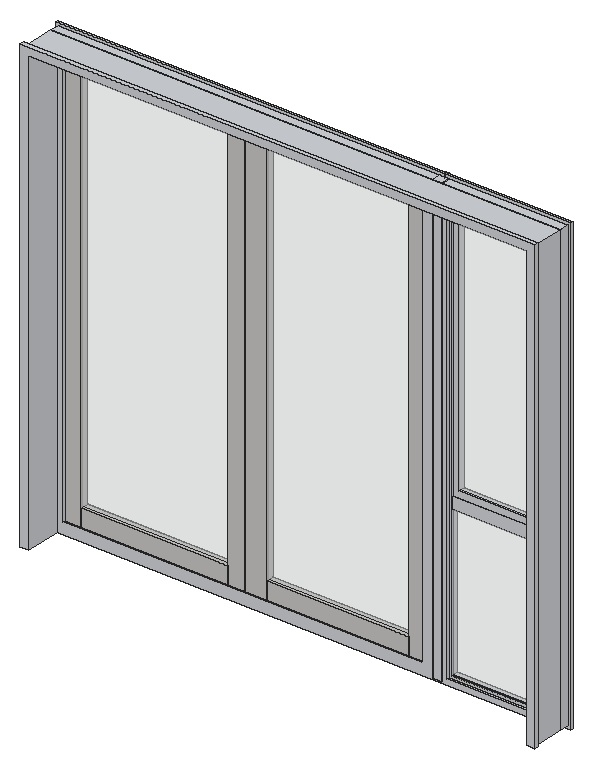
Revit family "APL Residential Thermal Heart French Door with Sidelight", category Doors, host Wall, Revit 2017 (continued)
Definition of nested family "APL Residential Thermal Heart French Door with Sidelight Horizontal Section"
  Definition of nested family "Coupling Bar"
    Definition of nested family "Open Out Jamb&Hinge"
      Definition of nested family "65310_Open Out Frame"
        Lines and regions (mm)
          model lines, in view "Ref. Level"
            curve 60: arc (43.9, 24, 0) -> (44.18, 23.807, 0) -> (44.1, 23.476, 0) r 0.3
            curve 61: arc (44.1, 23.476, 0) -> (44.026, 23.375, 0) -> (44, 23.253, 0) r 0.3
            curve 62: arc (44.194, 19.25, 0) -> (44.158, 19.078, 0) -> (44, 19, 0) r 0.2
            curve 63: arc (43.479, 19, 0) -> (43.398, 19.011, 0) -> (43.323, 19.044, 0) r 0.3
            curve 64: arc (42.069, 19.809, 0) -> (42.072, 19.979, 0) -> (41.966, 20.111, 0) r 0.25
            curve 65: arc (41.88, 20.163, 0) -> (41.65, 20.179, 0) -> (41.505, 20, 0) r 0.25
            curve 66: arc (41.255, 20, 0) -> (41.114, 19.941, 0) -> (41.055, 19.8, 0) r 0.2
            curve 67: arc (41.055, 18.984, 0) -> (41.102, 18.772, 0) -> (41.235, 18.6, 0) r 0.5
            curve 68: arc (43.92, 16.362, 0) -> (44.053, 16.19, 0) -> (44.1, 15.978, 0) r 0.5
            curve 69: arc (44.1, 12.522, 0) -> (44.053, 12.31, 0) -> (43.92, 12.138, 0) r 0.5
            curve 70: arc (41.235, 9.9, 0) -> (41.102, 9.728, 0) -> (41.055, 9.516, 0) r 0.5
            curve 71: arc (41.055, 8.7, 0) -> (41.114, 8.559, 0) -> (41.255, 8.5, 0) r 0.2
            curve 72: arc (41.505, 8.5, 0) -> (41.65, 8.321, 0) -> (41.88, 8.337, 0) r 0.25
            curve 73: arc (41.966, 8.389, 0) -> (42.072, 8.521, 0) -> (42.069, 8.691, 0) r 0.25
            curve 74: arc (43.322, 9.456, 0) -> (43.398, 9.489, 0) -> (43.479, 9.5, 0) r 0.3
            curve 75: arc (44, 9.5, 0) -> (44.158, 9.422, 0) -> (44.194, 9.25, 0) r 0.2
            curve 76: arc (44, 5.247, 0) -> (44.026, 5.125, 0) -> (44.1, 5.024, 0) r 0.3
            curve 77: arc (44.1, 5.024, 0) -> (44.18, 4.693, 0) -> (43.9, 4.5, 0) r 0.3
            curve 78: arc (41.679, 5.043, 0) -> (41.59, 5.095, 0) -> (41.538, 5.184, 0) r 0.2
            curve 79: arc (41.493, 5.352, 0) -> (41.352, 5.493, 0) -> (41.159, 5.441, 0) r 0.2
            curve 80: arc (40.795, 5.078, 0) -> (40.735, 4.992, 0) -> (40.708, 4.892, 0) r 0.3
            curve 81: arc (40.501, 2.526, 0) -> (40.617, 2.262, 0) -> (40.903, 2.218, 0) r 0.3
            curve 82: arc (42.313, 2.732, 0) -> (42.439, 2.819, 0) -> (42.505, 2.957, 0) r 0.3
            curve 83: arc (42.505, 2.957, 0) -> (42.778, 3.199, 0) -> (43.083, 3, 0) r 0.3
            curve 84: arc (44.4, 3, 0) -> (44.541, 2.941, 0) -> (44.6, 2.8, 0) r 0.2
            curve 85: arc (44.6, 1.3, 0) -> (44.981, 0.381, 0) -> (45.9, 0, 0) r 1.3
            curve 86: arc (55.35, 0, 0) -> (56, 0.65, 0) -> (55.35, 1.3, 0) r 0.65
            curve 87: arc (46, 23.1, 0) -> (46.146, 23.454, 0) -> (46.5, 23.6, 0) r 0.5
            curve 88: arc (48.1, 23.6, 0) -> (48.454, 23.454, 0) -> (48.6, 23.1, 0) r 0.5
            curve 89: arc (48.6, 21.2, 0) -> (48.746, 20.846, 0) -> (49.1, 20.7, 0) r 0.5
            curve 90: arc (49.5, 20.7, 0) -> (49.854, 20.846, 0) -> (50, 21.2, 0) r 0.5
            curve 91: line (49.5, 53, 0) -> (43.2, 53, 0)
            curve 92: line (43, 52.8, 0) -> (43, 51.6, 0)
            curve 93: line (43.2, 51.4, 0) -> (48.3, 51.4, 0)
            curve 94: line (48.5, 51.2, 0) -> (48.5, 48.1, 0)
            curve 95: line (48.3, 47.9, 0) -> (45, 47.9, 0)
            curve 96: line (45, 47.9, 0) -> (45, 48.65, 0)
            curve 97: line (44.573, 48.827, 0) -> (43.059, 47.312, 0)
            curve 98: line (43.059, 47.312, 0) -> (43, 44.6, 0)
            curve 99: line (44, 45.2, 0) -> (44, 46.5, 0)
            curve 100: line (44, 46.5, 0) -> (46.4, 46.5, 0)
            curve 101: line (46.4, 46.5, 0) -> (46.4, 46, 0)
            curve 102: line (47.2, 46, 0) -> (47.2, 46.5, 0)
            curve 103: line (47.2, 46.5, 0) -> (48.5, 46.5, 0)
            curve 104: line (48.5, 46.5, 0) -> (48.5, 33, 0)
            curve 105: line (48.5, 33, 0) -> (46.2, 33, 0)
            curve 106: line (46.2, 33, 0) -> (46.2, 33.5, 0)
            curve 107: line (45.7, 34, 0) -> (44, 34, 0)
            curve 108: line (43.3, 32.6, 0) -> (44.858, 32.6, 0)
            curve 109: line (46.2, 31.6, 0) -> (47.9, 31.6, 0)
            curve 110: line (48.1, 31.4, 0) -> (48.1, 26.5, 0)
            curve 111: line (47.1, 25.5, 0) -> (43.083, 25.5, 0)
            curve 112: line (42.313, 25.768, 0) -> (40.903, 26.282, 0)
            curve 113: line (40.501, 25.974, 0) -> (40.708, 23.608, 0)
            curve 114: line (40.795, 23.422, 0) -> (41.159, 23.059, 0)
            curve 115: line (41.493, 23.148, 0) -> (41.538, 23.316, 0)
            curve 116: line (41.538, 23.316, 0) -> (43.668, 23.99, 0)
            curve 117: line (43.668, 23.99, 0) -> (43.9, 24, 0)
            curve 118: line (44, 23.253, 0) -> (44, 20.025, 0)
            curve 119: line (44, 20.025, 0) -> (44.194, 19.25, 0)
            curve 120: line (44, 19, 0) -> (43.479, 19, 0)
            curve 121: line (43.479, 19, 0) -> (42.069, 19.809, 0)
            curve 122: line (41.505, 20, 0) -> (41.255, 20, 0)
            curve 123: line (41.055, 19.8, 0) -> (41.055, 18.984, 0)
            curve 124: line (41.235, 18.6, 0) -> (43.92, 16.362, 0)
            curve 125: line (44.1, 15.978, 0) -> (44.1, 12.522, 0)
            curve 126: line (43.92, 12.138, 0) -> (41.235, 9.9, 0)
            curve 127: line (41.055, 9.516, 0) -> (41.055, 8.7, 0)
            curve 128: line (41.255, 8.5, 0) -> (41.505, 8.5, 0)
            curve 129: line (42.069, 8.691, 0) -> (43.322, 9.456, 0)
            curve 130: line (43.322, 9.456, 0) -> (44, 9.5, 0)
            curve 131: line (44.194, 9.25, 0) -> (44.006, 8.525, 0)
            curve 132: line (44.006, 8.525, 0) -> (44, 5.247, 0)
            curve 133: line (43.746, 4.5, 0) -> (41.679, 5.043, 0)
            curve 134: line (41.679, 5.043, 0) -> (41.493, 5.352, 0)
            curve 135: line (41.159, 5.441, 0) -> (40.795, 5.078, 0)
            curve 136: line (40.708, 4.892, 0) -> (40.501, 2.526, 0)
            curve 137: line (40.903, 2.218, 0) -> (42.313, 2.732, 0)
            curve 138: line (43.083, 3, 0) -> (44.4, 3, 0)
            curve 139: line (44.6, 2.8, 0) -> (44.6, 1.3, 0)
            curve 140: line (45.9, 0, 0) -> (47.7, 0, 0)
            curve 141: line (47.7, 0, 0) -> (48, 0.3, 0)
            curve 142: line (48, 0.3, 0) -> (53.25, 0.3, 0)
            curve 143: line (53.25, 0.3, 0) -> (53.55, 0, 0)
            curve 144: line (53.55, 0, 0) -> (55.35, 0, 0)
            curve 145: line (55.35, 1.3, 0) -> (46, 1.3, 0)
            curve 146: line (46, 1.3, 0) -> (46, 23.1, 0)
            curve 147: line (46.5, 23.6, 0) -> (48.1, 23.6, 0)
            curve 148: line (48.6, 23.1, 0) -> (48.6, 21.2, 0)
            curve 149: line (49.1, 20.7, 0) -> (49.5, 20.7, 0)
            curve 150: line (50, 21.2, 0) -> (50, 52.5, 0)
            curve 151: arc (-4.1, 23.1, 0) -> (-4.241, 23.159, 0) -> (-4.3, 23.3, 0) r 0.2
            curve 152: arc (-4.3, 23.9, 0) -> (-4.359, 24.041, 0) -> (-4.5, 24.1, 0) r 0.2
            curve 153: arc (-4.875, 24.1, 0) -> (-5.496, 24.182, 0) -> (-6.075, 24.422, 0) r 2.4
            curve 154: arc (-13.9, 27.9, 0) -> (-14.041, 27.841, 0) -> (-14.1, 27.7, 0) r 0.2
            curve 155: arc (-14.1, -0.131, 0) -> (-13.951, -0.808, 0) -> (-13.528, -1.359, 0) r 1.6
            curve 156: arc (-7.044, -6.8, 0) -> (-6.701, -6.916, 0) -> (-6.369, -6.77, 0) r 0.5
            curve 157: arc (-1.693, -2.094, 0) -> (-1.476, -1.769, 0) -> (-1.4, -1.386, 0) r 1
            curve 158: arc (-1.4, 3.2, 0) -> (-0.844, 4.544, 0) -> (0.5, 5.1, 0) r 1.9
            curve 159: arc (23.3, 5.1, 0) -> (23.441, 5.159, 0) -> (23.5, 5.3, 0) r 0.2
            curve 160: arc (23.5, 16.1, 0) -> (23.441, 16.241, 0) -> (23.3, 16.3, 0) r 0.2
            curve 161: arc (18.3, 16.3, 0) -> (18.159, 16.359, 0) -> (18.1, 16.5, 0) r 0.2
            curve 162: arc (18.1, 17.7, 0) -> (18.159, 17.841, 0) -> (18.3, 17.9, 0) r 0.2
            curve 163: arc (23.3, 17.9, 0) -> (23.441, 17.959, 0) -> (23.5, 18.1, 0) r 0.2
            curve 164: arc (23.5, 23.9, 0) -> (23.441, 24.041, 0) -> (23.3, 24.1, 0) r 0.2
            curve 165: arc (16.301, 24.1, 0) -> (16.159, 24.042, 0) -> (16.1, 23.9, 0) r 0.2
            curve 166: arc (16.1, 23.3, 0) -> (16.041, 23.159, 0) -> (15.9, 23.1, 0) r 0.2
            curve 167: arc (11.3, 23.1, 0) -> (11.159, 23.159, 0) -> (11.1, 23.3, 0) r 0.2
            curve 168: arc (11.1, 23.9, 0) -> (11.041, 24.041, 0) -> (10.9, 24.1, 0) r 0.2
            curve 169: arc (2.7, 24.1, 0) -> (2.559, 24.041, 0) -> (2.5, 23.9, 0) r 0.2
            curve 170: arc (2.5, 16.5, 0) -> (2.441, 16.359, 0) -> (2.3, 16.3, 0) r 0.2
            curve 171: arc (1.3, 16.3, 0) -> (1.159, 16.359, 0) -> (1.1, 16.5, 0) r 0.2
            curve 172: arc (1.1, 22.9, 0) -> (1.041, 23.041, 0) -> (0.9, 23.1, 0) r 0.2
            curve 173: arc (26.317, 25.5, 0) -> (26.622, 25.301, 0) -> (26.895, 25.543, 0) r 0.3
            curve 174: arc (26.895, 25.543, 0) -> (26.961, 25.681, 0) -> (27.087, 25.768, 0) r 0.3
            curve 175: arc (28.497, 26.282, 0) -> (28.783, 26.238, 0) -> (28.899, 25.974, 0) r 0.3
            curve 176: arc (28.692, 23.608, 0) -> (28.665, 23.508, 0) -> (28.605, 23.422, 0) r 0.3
            curve 177: arc (28.241, 23.059, 0) -> (28.048, 23.007, 0) -> (27.907, 23.148, 0) r 0.2
            curve 178: arc (27.862, 23.316, 0) -> (27.81, 23.405, 0) -> (27.721, 23.457, 0) r 0.2
            curve 179: arc (25.5, 24, 0) -> (25.22, 23.807, 0) -> (25.3, 23.476, 0) r 0.3
            curve 180: arc (25.3, 23.476, 0) -> (25.374, 23.375, 0) -> (25.4, 23.253, 0) r 0.3
            curve 181: arc (25.206, 19.25, 0) -> (25.242, 19.078, 0) -> (25.4, 19, 0) r 0.2
            curve 182: arc (25.921, 19, 0) -> (26.002, 19.011, 0) -> (26.077, 19.044, 0) r 0.3
            curve 183: arc (27.331, 19.809, 0) -> (27.328, 19.979, 0) -> (27.434, 20.111, 0) r 0.25
            curve 184: arc (27.52, 20.163, 0) -> (27.75, 20.179, 0) -> (27.895, 20, 0) r 0.25
            curve 185: arc (28.145, 20, 0) -> (28.286, 19.941, 0) -> (28.345, 19.8, 0) r 0.2
            curve 186: arc (28.345, 18.984, 0) -> (28.298, 18.772, 0) -> (28.165, 18.6, 0) r 0.5
            curve 187: arc (25.58, 16.446, 0) -> (25.447, 16.274, 0) -> (25.4, 16.062, 0) r 0.5
            curve 188: arc (25.4, 12.438, 0) -> (25.447, 12.226, 0) -> (25.58, 12.054, 0) r 0.5
            curve 189: arc (28.165, 9.9, 0) -> (28.298, 9.728, 0) -> (28.345, 9.516, 0) r 0.5
            curve 190: arc (28.345, 8.7, 0) -> (28.286, 8.559, 0) -> (28.145, 8.5, 0) r 0.2
            curve 191: arc (27.895, 8.5, 0) -> (27.75, 8.321, 0) -> (27.52, 8.337, 0) r 0.25
            curve 192: arc (27.434, 8.389, 0) -> (27.328, 8.521, 0) -> (27.331, 8.691, 0) r 0.25
            curve 193: arc (26.078, 9.456, 0) -> (26.002, 9.489, 0) -> (25.921, 9.5, 0) r 0.3
            curve 194: arc (25.4, 9.5, 0) -> (25.242, 9.422, 0) -> (25.206, 9.25, 0) r 0.2
            curve 195: arc (25.4, 5.247, 0) -> (25.374, 5.125, 0) -> (25.3, 5.024, 0) r 0.3
            curve 196: arc (25.3, 5.024, 0) -> (25.22, 4.693, 0) -> (25.5, 4.5, 0) r 0.3
            curve 197: arc (27.721, 5.043, 0) -> (27.81, 5.095, 0) -> (27.862, 5.184, 0) r 0.2
            curve 198: arc (27.907, 5.352, 0) -> (28.048, 5.493, 0) -> (28.241, 5.441, 0) r 0.2
            curve 199: arc (28.605, 5.078, 0) -> (28.665, 4.992, 0) -> (28.692, 4.892, 0) r 0.3
            curve 200: arc (28.899, 2.526, 0) -> (28.783, 2.262, 0) -> (28.497, 2.218, 0) r 0.3
            curve 201: arc (27.087, 2.732, 0) -> (26.961, 2.819, 0) -> (26.895, 2.957, 0) r 0.3
            curve 202: arc (26.895, 2.957, 0) -> (26.622, 3.199, 0) -> (26.317, 3, 0) r 0.3
            curve 203: arc (24, 3, 0) -> (23.704, 3.097, 0) -> (23.523, 3.35, 0) r 0.5
            curve 204: arc (23.523, 3.35, 0) -> (23.342, 3.603, 0) -> (23.046, 3.7, 0) r 0.5
            curve 205: arc (0.5, 3.7, 0) -> (0.146, 3.554, 0) -> (0, 3.2, 0) r 0.5
            curve 206: arc (0, -1.801, 0) -> (-0.107, -2.336, 0) -> (-0.41, -2.791, 0) r 1.4
            curve 207: arc (-5.407, -7.787, 0) -> (-5.624, -8.112, 0) -> (-5.7, -8.495, 0) r 1
            curve 208: arc (-5.7, -14.159, 0) -> (-5.623, -14.316, 0) -> (-5.452, -14.353, 0) r 0.2
            curve 209: arc (-5.452, -14.353, 0) -> (-4.643, -14.677, 0) -> (-4.687, -15.548, 0) r 0.75
            curve 210: arc (-4.687, -15.548, 0) -> (-5.025, -16.505, 0) -> (-4.687, -17.462, 0) r 1.525
            curve 211: arc (-4.687, -17.462, 0) -> (-4.594, -17.613, 0) -> (-4.539, -17.781, 0) r 0.75
            curve 212: arc (-4.539, -17.781, 0) -> (-4.442, -17.992, 0) -> (-4.26, -18.136, 0) r 0.5
            curve 213: arc (-4.26, -18.136, 0) -> (-3.5, -18.305, 0) -> (-2.74, -18.137, 0) r 1.8
            curve 214: arc (-2.74, -18.137, 0) -> (-2.558, -17.992, 0) -> (-2.461, -17.78, 0) r 0.5
            curve 215: arc (-2.461, -17.78, 0) -> (-2.406, -17.612, 0) -> (-2.312, -17.461, 0) r 0.737
            curve 216: arc (-2.312, -17.461, 0) -> (-1.975, -16.505, 0) -> (-2.312, -15.549, 0) r 1.525
            curve 217: arc (-2.312, -15.549, 0) -> (-2.2, -14.512, 0) -> (-1.163, -14.624, 0) r 0.737
            curve 218: arc (-1.163, -14.624, 0) -> (-0.507, -16.296, 0) -> (-0.924, -18.044, 0) r 3
            curve 219: arc (-0.924, -18.044, 0) -> (-0.93, -18.547, 0) -> (-0.495, -18.8, 0) r 0.5
            curve 220: arc (-0.2, -18.8, 0) -> (-0.059, -18.859, 0) -> (0, -19, 0) r 0.2
            curve 221: arc (0, -19.8, 0) -> (-0.059, -19.941, 0) -> (-0.2, -20, 0) r 0.2
            curve 222: arc (-6, -20, 0) -> (-6.707, -19.707, 0) -> (-7, -19, 0) r 1
            curve 223: arc (-7, -10.063, 0) -> (-7.281, -8.795, 0) -> (-8.072, -7.765, 0) r 3
            curve 224: arc (-14.428, -2.431, 0) -> (-15.219, -1.401, 0) -> (-15.5, -0.133, 0) r 3
            curve 225: arc (-15.5, 33, 0) -> (-15.207, 33.707, 0) -> (-14.5, 34, 0) r 1
            curve 226: arc (-12.1, 34, 0) -> (-11.393, 33.707, 0) -> (-11.1, 33, 0) r 1
            curve 227: arc (-11.1, 32.9, 0) -> (-11.188, 32.688, 0) -> (-11.4, 32.6, 0) r 0.3
            curve 228: arc (-12.1, 29.3, 0) -> (-11.738, 29.252, 0) -> (-11.4, 29.112, 0) r 1.4
            curve 229: arc (-5.375, 25.634, 0) -> (-5.134, 25.534, 0) -> (-4.875, 25.5, 0) r 1
            curve 230: line (0.9, 23.1, 0) -> (-4.1, 23.1, 0)
            curve 231: line (-4.3, 23.3, 0) -> (-4.3, 23.9, 0)
            curve 232: line (-4.5, 24.1, 0) -> (-4.875, 24.1, 0)
            curve 233: line (-6.075, 24.422, 0) -> (-12.054, 27.873, 0)
            curve 234: line (-12.054, 27.873, 0) -> (-13.9, 27.9, 0)
            curve 235: line (-14.1, 27.7, 0) -> (-14.1, -0.131, 0)
            curve 236: line (-13.528, -1.359, 0) -> (-7.044, -6.8, 0)
            curve 237: line (-6.369, -6.77, 0) -> (-1.693, -2.094, 0)
            curve 238: line (-1.4, -1.386, 0) -> (-1.4, 3.2, 0)
            curve 239: line (0.5, 5.1, 0) -> (23.3, 5.1, 0)
            curve 240: line (23.5, 5.3, 0) -> (23.5, 16.1, 0)
            curve 241: line (23.3, 16.3, 0) -> (18.3, 16.3, 0)
            curve 242: line (18.1, 16.5, 0) -> (18.1, 17.7, 0)
            curve 243: line (18.3, 17.9, 0) -> (23.3, 17.9, 0)
            curve 244: line (23.5, 18.1, 0) -> (23.5, 23.9, 0)
            curve 245: line (23.3, 24.1, 0) -> (16.301, 24.1, 0)
            curve 246: line (16.1, 23.9, 0) -> (16.1, 23.3, 0)
            curve 247: line (15.9, 23.1, 0) -> (11.3, 23.1, 0)
            curve 248: line (11.1, 23.3, 0) -> (11.1, 23.9, 0)
            curve 249: line (10.9, 24.1, 0) -> (2.7, 24.1, 0)
            curve 250: line (2.5, 23.9, 0) -> (2.5, 16.5, 0)
            curve 251: line (2.3, 16.3, 0) -> (1.3, 16.3, 0)
            curve 252: line (1.1, 16.5, 0) -> (1.1, 22.9, 0)
            curve 253: line (27.087, 25.768, 0) -> (28.497, 26.282, 0)
            curve 254: line (28.899, 25.974, 0) -> (28.692, 23.608, 0)
            curve 255: line (28.605, 23.422, 0) -> (28.241, 23.059, 0)
            curve 256: line (27.907, 23.148, 0) -> (27.862, 23.316, 0)
            curve 257: line (27.862, 23.316, 0) -> (25.732, 23.99, 0)
            curve 258: line (25.732, 23.99, 0) -> (25.5, 24, 0)
            curve 259: line (25.4, 23.253, 0) -> (25.4, 20.025, 0)
            curve 260: line (25.4, 20.025, 0) -> (25.206, 19.25, 0)
            curve 261: line (25.4, 19, 0) -> (25.921, 19, 0)
            curve 262: line (25.921, 19, 0) -> (27.331, 19.809, 0)
            curve 263: line (27.895, 20, 0) -> (28.145, 20, 0)
            curve 264: line (28.345, 19.8, 0) -> (28.345, 18.984, 0)
            curve 265: line (28.165, 18.6, 0) -> (25.58, 16.446, 0)
            curve 266: line (25.4, 16.062, 0) -> (25.4, 12.438, 0)
            curve 267: line (25.58, 12.054, 0) -> (28.165, 9.9, 0)
            curve 268: line (28.345, 9.516, 0) -> (28.345, 8.7, 0)
            curve 269: line (28.145, 8.5, 0) -> (27.895, 8.5, 0)
            curve 270: line (27.331, 8.691, 0) -> (26.078, 9.456, 0)
            curve 271: line (26.078, 9.456, 0) -> (25.4, 9.5, 0)
            curve 272: line (25.206, 9.25, 0) -> (25.394, 8.525, 0)
            curve 273: line (25.394, 8.525, 0) -> (25.4, 5.247, 0)
            curve 274: line (25.654, 4.5, 0) -> (27.721, 5.043, 0)
            curve 275: line (27.721, 5.043, 0) -> (27.907, 5.352, 0)
            curve 276: line (28.241, 5.441, 0) -> (28.605, 5.078, 0)
            curve 277: line (28.692, 4.892, 0) -> (28.899, 2.526, 0)
            curve 278: line (28.497, 2.218, 0) -> (27.087, 2.732, 0)
            curve 279: line (26.317, 3, 0) -> (24, 3, 0)
            curve 280: line (23.046, 3.7, 0) -> (17.783, 3.7, 0)
            curve 281: line (17.783, 3.7, 0) -> (17.559, 3.559, 0)
            curve 282: line (17.559, 3.559, 0) -> (12.4, 3.5, 0)
            curve 283: line (12.4, 3.5, 0) -> (12, 3.9, 0)
            curve 284: line (12, 3.9, 0) -> (11.6, 3.5, 0)
            curve 285: line (11.6, 3.5, 0) -> (6.583, 3.5, 0)
            curve 286: line (6.583, 3.5, 0) -> (6.359, 3.641, 0)
            curve 287: line (6.359, 3.641, 0) -> (0.5, 3.7, 0)
            curve 288: line (0, 3.2, 0) -> (0, -1.801, 0)
            curve 289: line (-0.41, -2.791, 0) -> (-5.407, -7.787, 0)
            curve 290: line (-5.7, -8.495, 0) -> (-5.7, -14.159, 0)
            curve 291: line (-0.495, -18.8, 0) -> (-0.2, -18.8, 0)
            curve 292: line (0, -19, 0) -> (0, -19.8, 0)
            curve 293: line (-0.2, -20, 0) -> (-6, -20, 0)
            curve 294: line (-7, -19, 0) -> (-7, -10.063, 0)
            curve 295: line (-8.072, -7.765, 0) -> (-14.428, -2.431, 0)
            curve 296: line (-15.5, -0.133, 0) -> (-15.5, 33, 0)
            curve 297: line (-14.5, 34, 0) -> (-12.1, 34, 0)
            curve 298: line (-11.4, 32.6, 0) -> (-14.1, 32.6, 0)
            curve 299: line (-14.1, 32.6, 0) -> (-14.1, 29.3, 0)
            curve 300: line (-14.1, 29.3, 0) -> (-12.1, 29.3, 0)
            curve 301: line (-11.4, 29.112, 0) -> (-5.375, 25.634, 0)
            curve 302: line (-4.875, 25.5, 0) -> (-2, 25.5, 0)
            curve 303: line (-2, 25.5, 0) -> (-1.6, 25.1, 0)
            curve 304: line (-1.6, 25.1, 0) -> (-1.2, 25.5, 0)
            curve 305: line (-1.2, 25.5, 0) -> (4.1, 25.5, 0)
            curve 306: line (4.1, 25.5, 0) -> (4.5, 25.1, 0)
            curve 307: line (4.5, 25.1, 0) -> (4.9, 25.5, 0)
            curve 308: line (4.9, 25.5, 0) -> (26.317, 25.5, 0)
            curve 309: arc (25.4, 19.939, 0) -> (25.517, 19.656, 0) -> (25.8, 19.539, 0) r 0.4
            curve 310: arc (26.093, 19.539, 0) -> (26.196, 19.553, 0) -> (26.293, 19.593, 0) r 0.4
            curve 311: arc (27.821, 20.478, 0) -> (28.111, 20.598, 0) -> (28.422, 20.639, 0) r 1.2
            curve 312: arc (29.345, 20.639, 0) -> (29.918, 20.82, 0) -> (30.284, 21.297, 0) r 1
            curve 313: arc (31.077, 23.476, 0) -> (31.224, 23.667, 0) -> (31.453, 23.739, 0) r 0.4
            curve 314: arc (37.947, 23.739, 0) -> (38.176, 23.667, 0) -> (38.323, 23.476, 0) r 0.4
            curve 315: arc (39.116, 21.297, 0) -> (39.482, 20.82, 0) -> (40.055, 20.639, 0) r 1
            curve 316: arc (40.978, 20.639, 0) -> (41.289, 20.598, 0) -> (41.579, 20.478, 0) r 1.2
            curve 317: arc (43.107, 19.593, 0) -> (43.204, 19.553, 0) -> (43.307, 19.539, 0) r 0.4
            curve 318: arc (43.6, 19.539, 0) -> (43.883, 19.656, 0) -> (44, 19.939, 0) r 0.4
            curve 319: arc (44, 23.339, 0) -> (43.883, 23.622, 0) -> (43.6, 23.739, 0) r 0.4
            curve 320: arc (43.307, 23.739, 0) -> (43.204, 23.725, 0) -> (43.107, 23.685, 0) r 0.4
            curve 321: arc (41.579, 22.801, 0) -> (41.285, 22.679, 0) -> (40.97, 22.639, 0) r 1.2
            curve 322: arc (40.97, 22.639, 0) -> (40.795, 22.692, 0) -> (40.684, 22.836, 0) r 0.3
            curve 323: arc (39.796, 25.276, 0) -> (39.649, 25.467, 0) -> (39.42, 25.539, 0) r 0.4
            curve 324: arc (29.98, 25.539, 0) -> (29.751, 25.467, 0) -> (29.604, 25.276, 0) r 0.4
            curve 325: arc (28.716, 22.836, 0) -> (28.605, 22.692, 0) -> (28.43, 22.639, 0) r 0.3
            curve 326: arc (28.43, 22.639, 0) -> (28.115, 22.679, 0) -> (27.821, 22.801, 0) r 1.2
            curve 327: arc (26.293, 23.685, 0) -> (26.196, 23.725, 0) -> (26.093, 23.739, 0) r 0.4
            curve 328: arc (25.8, 23.739, 0) -> (25.517, 23.622, 0) -> (25.4, 23.339, 0) r 0.4
            curve 329: line (25.8, 19.539, 0) -> (26.093, 19.539, 0)
            curve 330: line (26.293, 19.593, 0) -> (27.821, 20.478, 0)
            curve 331: line (28.422, 20.639, 0) -> (29.345, 20.639, 0)
            curve 332: line (30.284, 21.297, 0) -> (31.077, 23.476, 0)
            curve 333: line (31.453, 23.739, 0) -> (37.947, 23.739, 0)
            curve 334: line (38.323, 23.476, 0) -> (39.116, 21.297, 0)
            curve 335: line (40.055, 20.639, 0) -> (40.978, 20.639, 0)
            curve 336: line (41.579, 20.478, 0) -> (43.107, 19.593, 0)
            curve 337: line (43.307, 19.539, 0) -> (43.6, 19.539, 0)
            curve 338: line (44, 19.939, 0) -> (44, 23.339, 0)
            curve 339: line (43.6, 23.739, 0) -> (43.307, 23.739, 0)
            curve 340: line (43.107, 23.685, 0) -> (41.579, 22.801, 0)
            curve 341: line (40.684, 22.836, 0) -> (39.796, 25.276, 0)
            curve 342: line (39.42, 25.539, 0) -> (29.98, 25.539, 0)
            curve 343: line (29.604, 25.276, 0) -> (28.716, 22.836, 0)
            curve 344: line (27.821, 22.801, 0) -> (26.293, 23.685, 0)
            curve 345: line (26.093, 23.739, 0) -> (25.8, 23.739, 0)
            curve 346: line (25.4, 23.339, 0) -> (25.4, 19.939, 0)
        Text (mm)
          text "65310" at (6.108, 51.612, 0), in view "Ref. Level"
      Definition of nested family "65210_Lock Stile"
        Reference planes
          plane 1 "Center (Front/Back)": y = 0
          plane 2: z = 0
          plane 3 "Center (Left/Right)": x = 0
        Lines and regions (mm)
          model lines, in view "Ref. Level"
            curve 1: arc (27.4, 64.45, 0) -> (27.272, 64.668, 0) -> (27.019, 64.663, 0) r 0.25
            curve 2: arc (26.934, 64.611, 0) -> (26.828, 64.479, 0) -> (26.831, 64.309, 0) r 0.25
            curve 3: arc (25.577, 63.544, 0) -> (25.502, 63.511, 0) -> (25.421, 63.5, 0) r 0.3
            curve 4: arc (24.9, 63.5, 0) -> (24.742, 63.578, 0) -> (24.706, 63.75, 0) r 0.2
            curve 5: arc (24.9, 67.753, 0) -> (24.874, 67.875, 0) -> (24.8, 67.976, 0) r 0.3
            curve 6: arc (24.8, 67.976, 0) -> (24.72, 68.307, 0) -> (25, 68.5, 0) r 0.3
            curve 7: arc (27.221, 67.957, 0) -> (27.31, 67.905, 0) -> (27.362, 67.816, 0) r 0.2
            curve 8: arc (27.407, 67.648, 0) -> (27.548, 67.507, 0) -> (27.741, 67.559, 0) r 0.2
            curve 9: arc (28.105, 67.922, 0) -> (28.165, 68.008, 0) -> (28.192, 68.108, 0) r 0.3
            curve 10: arc (28.399, 70.474, 0) -> (28.283, 70.738, 0) -> (27.997, 70.782, 0) r 0.3
            curve 11: arc (26.587, 70.268, 0) -> (26.461, 70.181, 0) -> (26.395, 70.043, 0) r 0.3
            curve 12: arc (26.395, 70.043, 0) -> (26.122, 69.801, 0) -> (25.817, 70, 0) r 0.3
            curve 13: arc (24.003, 70, 0) -> (23.295, 69.707, 0) -> (23.003, 69, 0) r 1
            curve 14: arc (23.003, 63.28, 0) -> (22.944, 63.139, 0) -> (22.803, 63.08, 0) r 0.2
            curve 15: arc (17.703, 63.08, 0) -> (17.561, 63.139, 0) -> (17.503, 63.28, 0) r 0.2
            curve 16: arc (17.503, 69, 0) -> (17.21, 69.707, 0) -> (16.503, 70, 0) r 1
            curve 17: arc (9.5, 70, 0) -> (9.359, 69.941, 0) -> (9.3, 69.8, 0) r 0.2
            curve 18: arc (9.3, 69.5, 0) -> (9.38, 69.2, 0) -> (9.6, 68.98, 0) r 0.6
            curve 19: arc (10.7, 68.345, 0) -> (10.773, 68.272, 0) -> (10.8, 68.172, 0) r 0.2
            curve 20: arc (10.8, 64.08, 0) -> (10.507, 63.373, 0) -> (9.8, 63.08, 0) r 1
            curve 21: arc (2.42, 63.08, 0) -> (1.721, 63.366, 0) -> (1.421, 64.06, 0) r 1
            curve 22: arc (1.322, 68.935, 0) -> (1.357, 69.052, 0) -> (1.453, 69.127, 0) r 0.2
            curve 23: arc (1.453, 69.127, 0) -> (1.621, 69.234, 0) -> (1.725, 69.403, 0) r 0.45
            curve 24: arc (1.725, 69.403, 0) -> (1.729, 69.522, 0) -> (1.665, 69.621, 0) r 0.2
            curve 25: arc (0.2, 70, 0) -> (0.059, 69.941, 0) -> (0, 69.8, 0) r 0.2
            curve 26: arc (0, 0.501, 0) -> (0.146, 0.147, 0) -> (0.5, 0, 0) r 0.5
            curve 27: arc (1, 0, 0) -> (1.354, 0.146, 0) -> (1.5, 0.5, 0) r 0.5
            curve 28: arc (1.5, 2.8, 0) -> (1.559, 2.941, 0) -> (1.7, 3, 0) r 0.2
            curve 29: arc (31.817, 3, 0) -> (32.122, 3.199, 0) -> (32.395, 2.957, 0) r 0.3
            curve 30: arc (32.395, 2.957, 0) -> (32.461, 2.819, 0) -> (32.587, 2.732, 0) r 0.3
            curve 31: arc (33.997, 2.218, 0) -> (34.283, 2.262, 0) -> (34.399, 2.526, 0) r 0.3
            curve 32: arc (34.192, 4.892, 0) -> (34.165, 4.992, 0) -> (34.105, 5.078, 0) r 0.3
            curve 33: arc (33.741, 5.441, 0) -> (33.548, 5.493, 0) -> (33.407, 5.352, 0) r 0.2
            curve 34: arc (33.362, 5.184, 0) -> (33.31, 5.095, 0) -> (33.221, 5.043, 0) r 0.2
            curve 35: arc (31, 4.5, 0) -> (30.72, 4.693, 0) -> (30.8, 5.024, 0) r 0.3
            curve 36: arc (30.8, 5.024, 0) -> (30.874, 5.125, 0) -> (30.9, 5.247, 0) r 0.3
            curve 37: arc (30.706, 9.25, 0) -> (30.742, 9.422, 0) -> (30.9, 9.5, 0) r 0.2
            curve 38: arc (31.421, 9.5, 0) -> (31.502, 9.489, 0) -> (31.577, 9.456, 0) r 0.3
            curve 39: arc (32.831, 8.691, 0) -> (32.828, 8.521, 0) -> (32.934, 8.389, 0) r 0.25
            curve 40: arc (33.02, 8.337, 0) -> (33.272, 8.332, 0) -> (33.4, 8.55, 0) r 0.25
            curve 41: arc (33.4, 11.2, 0) -> (33.341, 11.341, 0) -> (33.2, 11.4, 0) r 0.2
            curve 42: arc (30, 11.4, 0) -> (29.293, 11.107, 0) -> (29, 10.4, 0) r 1
            curve 43: arc (2.1, 4.6, 0) -> (1.746, 4.746, 0) -> (1.6, 5.1, 0) r 0.5
            curve 44: arc (1.6, 60.98, 0) -> (1.746, 61.334, 0) -> (2.1, 61.48, 0) r 0.5
            curve 45: arc (9.8, 61.48, 0) -> (11.638, 62.242, 0) -> (12.4, 64.08, 0) r 2.6
            curve 46: arc (12.4, 68.2, 0) -> (12.459, 68.341, 0) -> (12.6, 68.4, 0) r 0.2
            curve 47: arc (15.703, 68.4, 0) -> (15.844, 68.341, 0) -> (15.903, 68.2, 0) r 0.2
            curve 48: arc (15.903, 62, 0) -> (16.049, 61.646, 0) -> (16.403, 61.5, 0) r 0.5
            curve 49: arc (27.2, 61.5, 0) -> (27.341, 61.559, 0) -> (27.4, 61.7, 0) r 0.2
            curve 50: line (26.831, 64.309, 0) -> (25.577, 63.544, 0)
            curve 51: line (25.577, 63.544, 0) -> (24.9, 63.5, 0)
            curve 52: line (24.706, 63.75, 0) -> (24.894, 64.475, 0)
            curve 53: line (24.894, 64.475, 0) -> (24.9, 67.753, 0)
            curve 54: line (25.154, 68.5, 0) -> (27.221, 67.957, 0)
            curve 55: line (27.221, 67.957, 0) -> (27.407, 67.648, 0)
            curve 56: line (27.741, 67.559, 0) -> (28.105, 67.922, 0)
            curve 57: line (28.192, 68.108, 0) -> (28.399, 70.474, 0)
            curve 58: line (27.997, 70.782, 0) -> (26.587, 70.268, 0)
            curve 59: line (25.817, 70, 0) -> (24.003, 70, 0)
            curve 60: line (23.003, 69, 0) -> (23.003, 63.28, 0)
            curve 61: line (22.803, 63.08, 0) -> (17.703, 63.08, 0)
            curve 62: line (17.503, 63.28, 0) -> (17.503, 69, 0)
            curve 63: line (16.503, 70, 0) -> (9.5, 70, 0)
            curve 64: line (9.3, 69.8, 0) -> (9.3, 69.5, 0)
            curve 65: line (9.6, 68.98, 0) -> (10.7, 68.345, 0)
            curve 66: line (10.8, 68.172, 0) -> (10.8, 64.08, 0)
            curve 67: line (9.8, 63.08, 0) -> (2.42, 63.08, 0)
            curve 68: line (1.421, 64.06, 0) -> (1.322, 68.935, 0)
            curve 69: line (1.665, 69.621, 0) -> (1.269, 69.953, 0)
            curve 70: line (1.269, 69.953, 0) -> (0.2, 70, 0)
            curve 71: line (0, 69.8, 0) -> (0, 0.501, 0)
            curve 72: line (0.5, 0, 0) -> (1, 0, 0)
            curve 73: line (1.5, 0.5, 0) -> (1.5, 2.8, 0)
            curve 74: line (1.7, 3, 0) -> (17.6, 3, 0)
            curve 75: line (17.6, 3, 0) -> (18, 3.4, 0)
            curve 76: line (18, 3.4, 0) -> (18.4, 3, 0)
            curve 77: line (18.4, 3, 0) -> (19.6, 3, 0)
            curve 78: line (19.6, 3, 0) -> (20, 3.4, 0)
            curve 79: line (20, 3.4, 0) -> (20.4, 3, 0)
            curve 80: line (20.4, 3, 0) -> (31.817, 3, 0)
            curve 81: line (32.587, 2.732, 0) -> (33.997, 2.218, 0)
            curve 82: line (34.399, 2.526, 0) -> (34.192, 4.892, 0)
            curve 83: line (34.105, 5.078, 0) -> (33.741, 5.441, 0)
            curve 84: line (33.407, 5.352, 0) -> (33.362, 5.184, 0)
            curve 85: line (33.362, 5.184, 0) -> (31.232, 4.51, 0)
            curve 86: line (31.232, 4.51, 0) -> (31, 4.5, 0)
            curve 87: line (30.9, 5.247, 0) -> (30.9, 8.475, 0)
            curve 88: line (30.9, 8.475, 0) -> (30.706, 9.25, 0)
            curve 89: line (30.9, 9.5, 0) -> (31.421, 9.5, 0)
            curve 90: line (31.421, 9.5, 0) -> (32.831, 8.691, 0)
            curve 91: line (33.4, 8.55, 0) -> (33.4, 11.2, 0)
            curve 92: line (33.2, 11.4, 0) -> (30, 11.4, 0)
            curve 93: line (29, 10.4, 0) -> (29, 5.8, 0)
            curve 94: line (29, 5.8, 0) -> (23.5, 5.8, 0)
            curve 95: line (23.5, 5.8, 0) -> (22.3, 4.6, 0)
            curve 96: line (22.3, 4.6, 0) -> (15.7, 4.6, 0)
            curve 97: line (15.7, 4.6, 0) -> (14.5, 5.8, 0)
            curve 98: line (14.5, 5.8, 0) -> (9.5, 5.8, 0)
            curve 99: line (9.5, 5.8, 0) -> (8.3, 4.6, 0)
            curve 100: line (8.3, 4.6, 0) -> (2.1, 4.6, 0)
            curve 101: line (1.6, 5.1, 0) -> (1.6, 60.98, 0)
            curve 102: line (2.1, 61.48, 0) -> (9.8, 61.48, 0)
            curve 103: line (12.4, 64.08, 0) -> (12.4, 68.2, 0)
            curve 104: line (12.6, 68.4, 0) -> (15.703, 68.4, 0)
            curve 105: line (15.903, 68.2, 0) -> (15.903, 62, 0)
            curve 106: line (16.403, 61.5, 0) -> (19.603, 61.5, 0)
            curve 107: line (19.603, 61.5, 0) -> (20.003, 61.9, 0)
            curve 108: line (20.003, 61.9, 0) -> (20.403, 61.5, 0)
            curve 109: line (20.403, 61.5, 0) -> (27.2, 61.5, 0)
            curve 110: line (27.4, 61.7, 0) -> (27.4, 64.45, 0)
            curve 111: line (27.4, 64.45, 0) -> (27.4, 63.6, 0)
            curve 112: arc (41, 62.874, 0) -> (41.128, 62.385, 0) -> (41.479, 62.021, 0) r 1
            curve 113: arc (42.049, 61.673, 0) -> (42.174, 61.619, 0) -> (42.309, 61.6, 0) r 0.5
            curve 114: arc (44.9, 61.6, 0) -> (45.254, 61.746, 0) -> (45.4, 62.1, 0) r 0.5
            curve 115: arc (45.4, 68.091, 0) -> (45.455, 68.318, 0) -> (45.608, 68.496, 0) r 0.5
            curve 116: arc (45.608, 68.496, 0) -> (45.836, 68.687, 0) -> (46.035, 68.908, 0) r 2.1
            curve 117: arc (46.035, 68.908, 0) -> (46.21, 69.049, 0) -> (46.429, 69.1, 0) r 0.5
            curve 118: arc (49.6, 69.1, 0) -> (49.954, 68.954, 0) -> (50.1, 68.6, 0) r 0.5
            curve 119: arc (50.1, 15.4, 0) -> (49.954, 15.046, 0) -> (49.6, 14.9, 0) r 0.5
            curve 120: arc (45.3, 14.9, 0) -> (45.159, 14.841, 0) -> (45.1, 14.7, 0) r 0.2
            curve 121: arc (45.1, 13.1, 0) -> (45.159, 12.959, 0) -> (45.3, 12.9, 0) r 0.2
            curve 122: arc (49.9, 12.9, 0) -> (50.041, 12.841, 0) -> (50.1, 12.7, 0) r 0.2
            curve 123: arc (50.1, 11.7, 0) -> (50.041, 11.559, 0) -> (49.9, 11.5, 0) r 0.2
            curve 124: arc (48.473, 11.5, 0) -> (48.338, 11.481, 0) -> (48.212, 11.427, 0) r 0.5
            curve 125: arc (47.479, 10.979, 0) -> (47.128, 10.615, 0) -> (47, 10.126, 0) r 1
            curve 126: arc (47, 8.55, 0) -> (47.128, 8.332, 0) -> (47.38, 8.337, 0) r 0.25
            curve 127: arc (47.466, 8.389, 0) -> (47.572, 8.521, 0) -> (47.569, 8.691, 0) r 0.25
            curve 128: arc (48.823, 9.456, 0) -> (48.898, 9.489, 0) -> (48.979, 9.5, 0) r 0.3
            curve 129: arc (49.5, 9.5, 0) -> (49.658, 9.422, 0) -> (49.694, 9.25, 0) r 0.2
            curve 130: arc (49.5, 5.247, 0) -> (49.526, 5.125, 0) -> (49.6, 5.024, 0) r 0.3
            curve 131: arc (49.6, 5.024, 0) -> (49.68, 4.693, 0) -> (49.4, 4.5, 0) r 0.3
            curve 132: arc (47.179, 5.043, 0) -> (47.09, 5.095, 0) -> (47.038, 5.184, 0) r 0.2
            curve 133: arc (46.993, 5.352, 0) -> (46.852, 5.493, 0) -> (46.659, 5.441, 0) r 0.2
            curve 134: arc (46.295, 5.078, 0) -> (46.235, 4.992, 0) -> (46.208, 4.892, 0) r 0.3
            curve 135: arc (46.001, 2.526, 0) -> (46.117, 2.262, 0) -> (46.403, 2.218, 0) r 0.3
            curve 136: arc (47.813, 2.732, 0) -> (47.939, 2.819, 0) -> (48.005, 2.957, 0) r 0.3
            curve 137: arc (48.005, 2.957, 0) -> (48.278, 3.199, 0) -> (48.583, 3, 0) r 0.3
            curve 138: arc (50.5, 0.5, 0) -> (50.646, 0.146, 0) -> (51, 0, 0) r 0.5
            curve 139: arc (51.5, 0, 0) -> (51.854, 0.146, 0) -> (52, 0.5, 0) r 0.5
            curve 140: arc (52, 89.2, 0) -> (51.8, 89.4, 0) -> (51.6, 89.2, 0) r 0.2
            curve 141: arc (43, 89, 0) -> (42.646, 88.854, 0) -> (42.5, 88.5, 0) r 0.5
            curve 142: arc (42.5, 87.25, 0) -> (43, 86.75, 0) -> (43.5, 87.25, 0) r 0.5
            curve 143: arc (43.5, 87.8, 0) -> (43.559, 87.941, 0) -> (43.7, 88, 0) r 0.2
            curve 144: arc (44.8, 88, 0) -> (44.941, 87.941, 0) -> (45, 87.8, 0) r 0.2
            curve 145: arc (45, 82.7, 0) -> (44.941, 82.559, 0) -> (44.8, 82.5, 0) r 0.2
            curve 146: arc (43.7, 82.5, 0) -> (43.559, 82.559, 0) -> (43.5, 82.7, 0) r 0.2
            curve 147: arc (43.5, 83.25, 0) -> (43, 83.75, 0) -> (42.5, 83.25, 0) r 0.5
            curve 148: arc (42.5, 81.7, 0) -> (42.559, 81.559, 0) -> (42.7, 81.5, 0) r 0.2
            curve 149: arc (46, 81.5, 0) -> (46.354, 81.646, 0) -> (46.5, 82, 0) r 0.5
            curve 150: arc (46.5, 87, 0) -> (46.646, 87.354, 0) -> (47, 87.5, 0) r 0.5
            curve 151: arc (49.6, 87.5, 0) -> (49.954, 87.354, 0) -> (50.1, 87, 0) r 0.5
            curve 152: arc (50.1, 71.5, 0) -> (49.954, 71.146, 0) -> (49.6, 71, 0) r 0.5
            curve 153: arc (44.78, 71, 0) -> (44.639, 70.941, 0) -> (44.58, 70.8, 0) r 0.2
            curve 154: arc (44.58, 70.2, 0) -> (44.521, 70.059, 0) -> (44.38, 70, 0) r 0.2
            curve 155: arc (42.583, 70, 0) -> (42.278, 69.801, 0) -> (42.005, 70.043, 0) r 0.3
            curve 156: arc (42.005, 70.043, 0) -> (41.939, 70.181, 0) -> (41.813, 70.268, 0) r 0.3
            curve 157: arc (40.403, 70.782, 0) -> (40.117, 70.738, 0) -> (40.001, 70.474, 0) r 0.3
            curve 158: arc (40.208, 68.108, 0) -> (40.235, 68.008, 0) -> (40.295, 67.922, 0) r 0.3
            curve 159: arc (40.659, 67.559, 0) -> (40.852, 67.507, 0) -> (40.993, 67.648, 0) r 0.2
            curve 160: arc (41.038, 67.816, 0) -> (41.09, 67.905, 0) -> (41.179, 67.957, 0) r 0.2
            curve 161: arc (43.4, 68.5, 0) -> (43.68, 68.307, 0) -> (43.6, 67.976, 0) r 0.3
            curve 162: arc (43.6, 67.976, 0) -> (43.526, 67.875, 0) -> (43.5, 67.753, 0) r 0.3
            curve 163: arc (43.694, 63.75, 0) -> (43.658, 63.578, 0) -> (43.5, 63.5, 0) r 0.2
            curve 164: arc (42.979, 63.5, 0) -> (42.898, 63.511, 0) -> (42.823, 63.544, 0) r 0.3
            curve 165: arc (41.569, 64.309, 0) -> (41.572, 64.479, 0) -> (41.466, 64.611, 0) r 0.25
            curve 166: line (41, 64.45, 0) -> (41, 62.874, 0)
            curve 167: line (41.479, 62.021, 0) -> (42.049, 61.673, 0)
            curve 168: line (42.309, 61.6, 0) -> (44.9, 61.6, 0)
            curve 169: line (45.4, 62.1, 0) -> (45.4, 68.091, 0)
            curve 170: line (46.429, 69.1, 0) -> (49.6, 69.1, 0)
            curve 171: line (50.1, 68.6, 0) -> (50.1, 15.4, 0)
            curve 172: line (49.6, 14.9, 0) -> (45.3, 14.9, 0)
            curve 173: line (45.1, 14.7, 0) -> (45.1, 13.1, 0)
            curve 174: line (45.3, 12.9, 0) -> (49.9, 12.9, 0)
            curve 175: line (50.1, 12.7, 0) -> (50.1, 11.7, 0)
            curve 176: line (49.9, 11.5, 0) -> (48.473, 11.5, 0)
            curve 177: line (48.212, 11.427, 0) -> (47.479, 10.979, 0)
            curve 178: line (47, 10.126, 0) -> (47, 8.55, 0)
            curve 179: line (47.569, 8.691, 0) -> (48.823, 9.456, 0)
            curve 180: line (48.823, 9.456, 0) -> (49.5, 9.5, 0)
            curve 181: line (49.694, 9.25, 0) -> (49.506, 8.525, 0)
            curve 182: line (49.506, 8.525, 0) -> (49.5, 5.247, 0)
            curve 183: line (49.246, 4.5, 0) -> (47.179, 5.043, 0)
            curve 184: line (47.179, 5.043, 0) -> (46.993, 5.352, 0)
            curve 185: line (46.659, 5.441, 0) -> (46.295, 5.078, 0)
            curve 186: line (46.208, 4.892, 0) -> (46.001, 2.526, 0)
            curve 187: line (46.403, 2.218, 0) -> (47.813, 2.732, 0)
            curve 188: line (48.583, 3, 0) -> (50.5, 3, 0)
            curve 189: line (50.5, 3, 0) -> (50.5, 0.5, 0)
            curve 190: line (51, 0, 0) -> (51.5, 0, 0)
            curve 191: line (52, 0.5, 0) -> (52, 89.2, 0)
            curve 192: line (51.6, 89.2, 0) -> (51.6, 89, 0)
            curve 193: line (51.6, 89, 0) -> (43, 89, 0)
            curve 194: line (42.5, 88.5, 0) -> (42.5, 87.25, 0)
            curve 195: line (43.5, 87.25, 0) -> (43.5, 87.8, 0)
            curve 196: line (43.7, 88, 0) -> (44.8, 88, 0)
            curve 197: line (45, 87.8, 0) -> (45, 82.7, 0)
            curve 198: line (44.8, 82.5, 0) -> (43.7, 82.5, 0)
            curve 199: line (43.5, 82.7, 0) -> (43.5, 83.25, 0)
            curve 200: line (42.5, 83.25, 0) -> (42.5, 81.7, 0)
            curve 201: line (42.7, 81.5, 0) -> (46, 81.5, 0)
            curve 202: line (46.5, 82, 0) -> (46.5, 87, 0)
            curve 203: line (47, 87.5, 0) -> (49.6, 87.5, 0)
            curve 204: line (50.1, 87, 0) -> (50.1, 71.5, 0)
            curve 205: line (49.6, 71, 0) -> (44.78, 71, 0)
            curve 206: line (44.58, 70.8, 0) -> (44.58, 70.2, 0)
            curve 207: line (44.38, 70, 0) -> (42.583, 70, 0)
            curve 208: line (41.813, 70.268, 0) -> (40.403, 70.782, 0)
            curve 209: line (40.001, 70.474, 0) -> (40.208, 68.108, 0)
            curve 210: line (40.295, 67.922, 0) -> (40.659, 67.559, 0)
            curve 211: line (40.993, 67.648, 0) -> (41.038, 67.816, 0)
            curve 212: line (41.038, 67.816, 0) -> (43.168, 68.49, 0)
            curve 213: line (43.168, 68.49, 0) -> (43.4, 68.5, 0)
            curve 214: line (43.5, 67.753, 0) -> (43.5, 64.525, 0)
            curve 215: line (43.5, 64.525, 0) -> (43.694, 63.75, 0)
            curve 216: line (43.5, 63.5, 0) -> (42.979, 63.5, 0)
            curve 217: line (42.979, 63.5, 0) -> (41.569, 64.309, 0)
            curve 218: arc (41.38, 64.663, 0) -> (41.128, 64.668, 0) -> (41, 64.45, 0) r 0.25
            curve 219: arc (30.9, 8.561, 0) -> (31.017, 8.844, 0) -> (31.3, 8.961, 0) r 0.4
            curve 220: arc (31.593, 8.961, 0) -> (31.696, 8.947, 0) -> (31.793, 8.907, 0) r 0.4
            curve 221: arc (33.321, 8.022, 0) -> (33.611, 7.902, 0) -> (33.922, 7.861, 0) r 1.2
            curve 222: arc (34.845, 7.861, 0) -> (35.418, 7.68, 0) -> (35.784, 7.203, 0) r 1
            curve 223: arc (36.577, 5.024, 0) -> (36.724, 4.833, 0) -> (36.953, 4.761, 0) r 0.4
            curve 224: arc (43.447, 4.761, 0) -> (43.676, 4.833, 0) -> (43.823, 5.024, 0) r 0.4
            curve 225: arc (44.616, 7.203, 0) -> (44.982, 7.68, 0) -> (45.555, 7.861, 0) r 1
            curve 226: arc (46.478, 7.861, 0) -> (46.789, 7.902, 0) -> (47.079, 8.022, 0) r 1.2
            curve 227: arc (48.607, 8.907, 0) -> (48.704, 8.947, 0) -> (48.807, 8.961, 0) r 0.4
            curve 228: arc (49.1, 8.961, 0) -> (49.383, 8.844, 0) -> (49.5, 8.561, 0) r 0.4
            curve 229: arc (49.5, 5.161, 0) -> (49.383, 4.878, 0) -> (49.1, 4.761, 0) r 0.4
            curve 230: arc (48.807, 4.761, 0) -> (48.704, 4.775, 0) -> (48.607, 4.815, 0) r 0.4
            curve 231: arc (47.079, 5.699, 0) -> (46.785, 5.821, 0) -> (46.47, 5.861, 0) r 1.2
            curve 232: arc (46.47, 5.861, 0) -> (46.295, 5.808, 0) -> (46.184, 5.664, 0) r 0.3
            curve 233: arc (45.296, 3.224, 0) -> (45.149, 3.033, 0) -> (44.92, 2.961, 0) r 0.4
            curve 234: arc (35.48, 2.961, 0) -> (35.251, 3.033, 0) -> (35.104, 3.224, 0) r 0.4
            curve 235: arc (34.216, 5.664, 0) -> (34.105, 5.808, 0) -> (33.93, 5.861, 0) r 0.3
            curve 236: arc (33.93, 5.861, 0) -> (33.615, 5.821, 0) -> (33.321, 5.699, 0) r 1.2
            curve 237: arc (31.793, 4.815, 0) -> (31.696, 4.775, 0) -> (31.593, 4.761, 0) r 0.4
            curve 238: arc (31.3, 4.761, 0) -> (31.017, 4.878, 0) -> (30.9, 5.161, 0) r 0.4
            curve 239: line (31.3, 8.961, 0) -> (31.593, 8.961, 0)
            curve 240: line (31.793, 8.907, 0) -> (33.321, 8.022, 0)
            curve 241: line (33.922, 7.861, 0) -> (34.845, 7.861, 0)
            curve 242: line (35.784, 7.203, 0) -> (36.577, 5.024, 0)
            curve 243: line (36.953, 4.761, 0) -> (43.447, 4.761, 0)
            curve 244: line (43.823, 5.024, 0) -> (44.616, 7.203, 0)
            curve 245: line (45.555, 7.861, 0) -> (46.478, 7.861, 0)
            curve 246: line (47.079, 8.022, 0) -> (48.607, 8.907, 0)
            curve 247: line (48.807, 8.961, 0) -> (49.1, 8.961, 0)
            curve 248: line (49.5, 8.561, 0) -> (49.5, 5.161, 0)
            curve 249: line (49.1, 4.761, 0) -> (48.807, 4.761, 0)
            curve 250: line (48.607, 4.815, 0) -> (47.079, 5.699, 0)
            curve 251: line (46.184, 5.664, 0) -> (45.296, 3.224, 0)
            curve 252: line (44.92, 2.961, 0) -> (35.48, 2.961, 0)
            curve 253: line (35.104, 3.224, 0) -> (34.216, 5.664, 0)
            curve 254: line (33.321, 5.699, 0) -> (31.793, 4.815, 0)
            curve 255: line (31.593, 4.761, 0) -> (31.3, 4.761, 0)
            curve 256: line (30.9, 5.161, 0) -> (30.9, 8.561, 0)
            curve 257: arc (24.9, 64.439, 0) -> (25.017, 64.156, 0) -> (25.3, 64.039, 0) r 0.4
            curve 258: arc (25.593, 64.039, 0) -> (25.696, 64.053, 0) -> (25.793, 64.093, 0) r 0.4
            curve 259: arc (27.321, 64.978, 0) -> (27.611, 65.098, 0) -> (27.922, 65.139, 0) r 1.2
            curve 260: arc (28.845, 65.139, 0) -> (29.418, 65.32, 0) -> (29.784, 65.797, 0) r 1
            curve 261: arc (30.577, 67.976, 0) -> (30.724, 68.167, 0) -> (30.953, 68.239, 0) r 0.4
            curve 262: arc (37.447, 68.239, 0) -> (37.676, 68.167, 0) -> (37.823, 67.976, 0) r 0.4
            curve 263: arc (38.616, 65.797, 0) -> (38.982, 65.32, 0) -> (39.555, 65.139, 0) r 1
            curve 264: arc (40.478, 65.139, 0) -> (40.789, 65.098, 0) -> (41.079, 64.978, 0) r 1.2
            curve 265: arc (42.607, 64.093, 0) -> (42.704, 64.053, 0) -> (42.807, 64.039, 0) r 0.4
            curve 266: arc (43.1, 64.039, 0) -> (43.383, 64.156, 0) -> (43.5, 64.439, 0) r 0.4
            curve 267: arc (43.5, 67.839, 0) -> (43.383, 68.122, 0) -> (43.1, 68.239, 0) r 0.4
            curve 268: arc (42.807, 68.239, 0) -> (42.704, 68.225, 0) -> (42.607, 68.185, 0) r 0.4
            curve 269: arc (41.079, 67.301, 0) -> (40.785, 67.179, 0) -> (40.47, 67.139, 0) r 1.2
            curve 270: arc (40.47, 67.139, 0) -> (40.295, 67.192, 0) -> (40.184, 67.336, 0) r 0.3
            curve 271: arc (39.296, 69.776, 0) -> (39.149, 69.967, 0) -> (38.92, 70.039, 0) r 0.4
            curve 272: arc (29.48, 70.039, 0) -> (29.251, 69.967, 0) -> (29.104, 69.776, 0) r 0.4
            curve 273: arc (28.216, 67.336, 0) -> (28.105, 67.192, 0) -> (27.93, 67.139, 0) r 0.3
            curve 274: arc (27.93, 67.139, 0) -> (27.615, 67.179, 0) -> (27.321, 67.301, 0) r 1.2
            curve 275: arc (25.793, 68.185, 0) -> (25.696, 68.225, 0) -> (25.593, 68.239, 0) r 0.4
            curve 276: arc (25.3, 68.239, 0) -> (25.017, 68.122, 0) -> (24.9, 67.839, 0) r 0.4
            curve 277: line (25.3, 64.039, 0) -> (25.593, 64.039, 0)
            curve 278: line (25.793, 64.093, 0) -> (27.321, 64.978, 0)
            curve 279: line (27.922, 65.139, 0) -> (28.845, 65.139, 0)
            curve 280: line (29.784, 65.797, 0) -> (30.577, 67.976, 0)
            curve 281: line (30.953, 68.239, 0) -> (37.447, 68.239, 0)
            curve 282: line (37.823, 67.976, 0) -> (38.616, 65.797, 0)
            curve 283: line (39.555, 65.139, 0) -> (40.478, 65.139, 0)
            curve 284: line (41.079, 64.978, 0) -> (42.607, 64.093, 0)
            curve 285: line (42.807, 64.039, 0) -> (43.1, 64.039, 0)
            curve 286: line (43.5, 64.439, 0) -> (43.5, 67.839, 0)
            curve 287: line (43.1, 68.239, 0) -> (42.807, 68.239, 0)
            curve 288: line (42.607, 68.185, 0) -> (41.079, 67.301, 0)
            curve 289: line (40.184, 67.336, 0) -> (39.296, 69.776, 0)
            curve 290: line (38.92, 70.039, 0) -> (29.48, 70.039, 0)
            curve 291: line (29.104, 69.776, 0) -> (28.216, 67.336, 0)
            curve 292: line (27.321, 67.301, 0) -> (25.793, 68.185, 0)
            curve 293: line (25.593, 68.239, 0) -> (25.3, 68.239, 0)
            curve 294: line (24.9, 67.839, 0) -> (24.9, 64.439, 0)
        Text (mm)
          text "65210" at (8.097, 105.51, 0), in view "Ref. Level"
    Definition of nested family "65190_Coupling Bar"
      Reference planes
        plane 1 "Center (Front/Back)": y = 0
        plane 2: z = 0
        plane 3 "Center (Left/Right)": x = 0
      Lines and regions (mm)
        model lines, in view "Ref. Level"
          curve 1: arc (3.069, 38.775, 0) -> (3.048, 39.263, 0) -> (2.622, 39.5, 0) r 0.5
          curve 2: arc (-7.1, 39.5, 0) -> (-7.453, 39.354, 0) -> (-7.6, 39, 0) r 0.5
          curve 3: arc (-7.6, 14.758, 0) -> (-7.453, 14.404, 0) -> (-7.1, 14.258, 0) r 0.5
          curve 4: arc (2.498, 14.258, 0) -> (2.866, 14.419, 0) -> (2.996, 14.8, 0) r 0.5
          curve 5: arc (2.996, 14.8, 0) -> (3.4, 15.493, 0) -> (4.189, 15.352, 0) r 0.7
          curve 6: arc (4.189, 15.352, 0) -> (5.5, 14.808, 0) -> (6.81, 15.352, 0) r 1.85
          curve 7: arc (6.81, 15.352, 0) -> (6.947, 15.459, 0) -> (7.105, 15.528, 0) r 0.7
          curve 8: arc (7.105, 15.528, 0) -> (7.292, 15.632, 0) -> (7.418, 15.804, 0) r 0.5
          curve 9: arc (7.418, 15.804, 0) -> (7.6, 16.658, 0) -> (7.418, 17.512, 0) r 2.1
          curve 10: arc (7.418, 17.512, 0) -> (7.292, 17.684, 0) -> (7.105, 17.787, 0) r 0.5
          curve 11: arc (7.105, 17.787, 0) -> (6.947, 17.857, 0) -> (6.81, 17.964, 0) r 0.7
          curve 12: arc (6.81, 17.964, 0) -> (5.5, 18.508, 0) -> (4.189, 17.964, 0) r 1.85
          curve 13: arc (4.189, 17.964, 0) -> (3.2, 17.962, 0) -> (3.198, 18.952, 0) r 0.7
          curve 14: arc (3.198, 18.952, 0) -> (4.94, 19.859, 0) -> (6.887, 19.597, 0) r 3.25
          curve 15: arc (6.887, 19.597, 0) -> (7.368, 19.627, 0) -> (7.6, 20.049, 0) r 0.5
          curve 16: arc (7.6, 33.269, 0) -> (7.368, 33.691, 0) -> (6.887, 33.721, 0) r 0.5
          curve 17: arc (6.887, 33.721, 0) -> (4.94, 33.459, 0) -> (3.198, 34.366, 0) r 3.25
          curve 18: arc (3.198, 34.366, 0) -> (3.2, 35.356, 0) -> (4.189, 35.355, 0) r 0.7
          curve 19: arc (4.189, 35.355, 0) -> (5.5, 34.81, 0) -> (6.81, 35.355, 0) r 1.85
          curve 20: arc (6.81, 35.355, 0) -> (6.947, 35.461, 0) -> (7.105, 35.531, 0) r 0.7
          curve 21: arc (7.105, 35.531, 0) -> (7.292, 35.635, 0) -> (7.418, 35.807, 0) r 0.5
          curve 22: arc (7.418, 35.807, 0) -> (7.6, 36.66, 0) -> (7.418, 37.514, 0) r 2.1
          curve 23: arc (7.418, 37.514, 0) -> (7.292, 37.686, 0) -> (7.105, 37.79, 0) r 0.5
          curve 24: arc (7.105, 37.79, 0) -> (6.947, 37.86, 0) -> (6.81, 37.966, 0) r 0.7
          curve 25: arc (6.81, 37.966, 0) -> (5.5, 38.51, 0) -> (4.189, 37.966, 0) r 1.85
          curve 26: arc (4.189, 37.966, 0) -> (3.284, 37.893, 0) -> (3.069, 38.775, 0) r 0.7
          curve 27: arc (-3.309, 43.331, 0) -> (-3.479, 43.329, 0) -> (-3.611, 43.435, 0) r 0.25
          curve 28: arc (-3.663, 43.52, 0) -> (-3.679, 43.75, 0) -> (-3.5, 43.895, 0) r 0.25
          curve 29: arc (-3.5, 44.145, 0) -> (-3.441, 44.287, 0) -> (-3.3, 44.345, 0) r 0.2
          curve 30: arc (-2.484, 44.345, 0) -> (-2.272, 44.298, 0) -> (-2.1, 44.165, 0) r 0.5
          curve 31: arc (-0.154, 41.83, 0) -> (0, 41.758, 0) -> (0.154, 41.83, 0) r 0.2
          curve 32: arc (2.1, 44.165, 0) -> (2.272, 44.298, 0) -> (2.484, 44.345, 0) r 0.5
          curve 33: arc (3.3, 44.345, 0) -> (3.441, 44.287, 0) -> (3.5, 44.145, 0) r 0.2
          curve 34: arc (3.5, 43.895, 0) -> (3.679, 43.75, 0) -> (3.663, 43.52, 0) r 0.25
          curve 35: arc (3.611, 43.435, 0) -> (3.479, 43.329, 0) -> (3.309, 43.331, 0) r 0.25
          curve 36: arc (2.544, 42.078, 0) -> (2.511, 42.003, 0) -> (2.5, 41.922, 0) r 0.3
          curve 37: arc (2.5, 41.4, 0) -> (2.577, 41.242, 0) -> (2.75, 41.207, 0) r 0.2
          curve 38: arc (6.753, 41.4, 0) -> (6.875, 41.374, 0) -> (6.976, 41.3, 0) r 0.3
          curve 39: arc (6.976, 41.3, 0) -> (7.307, 41.22, 0) -> (7.5, 41.5, 0) r 0.3
          curve 40: arc (6.957, 43.721, 0) -> (6.905, 43.811, 0) -> (6.815, 43.862, 0) r 0.2
          curve 41: arc (6.648, 43.907, 0) -> (6.507, 44.049, 0) -> (6.558, 44.242, 0) r 0.2
          curve 42: arc (6.922, 44.606, 0) -> (7.008, 44.665, 0) -> (7.108, 44.692, 0) r 0.3
          curve 43: arc (9.474, 44.899, 0) -> (9.738, 44.783, 0) -> (9.782, 44.498, 0) r 0.3
          curve 44: arc (9.268, 43.087, 0) -> (9.181, 42.961, 0) -> (9.043, 42.895, 0) r 0.3
          curve 45: arc (9.043, 42.895, 0) -> (8.801, 42.623, 0) -> (9, 42.318, 0) r 0.3
          curve 46: arc (9, 13.358, 0) -> (8.853, 13.004, 0) -> (8.5, 12.858, 0) r 0.5
          curve 47: arc (1.027, 12.858, 0) -> (0.92, 12.827, 0) -> (0.846, 12.742, 0) r 0.2
          curve 48: arc (0.5, 10.7, 0) -> (0.559, 10.559, 0) -> (0.7, 10.5, 0) r 0.2
          curve 49: arc (6.2, 10.5, 0) -> (6.8, 9.9, 0) -> (6.2, 9.3, 0) r 0.6
          curve 50: arc (1.7, 9.3, 0) -> (1.559, 9.241, 0) -> (1.5, 9.1, 0) r 0.2
          curve 51: arc (1.5, 7.5, 0) -> (1.441, 7.359, 0) -> (1.3, 7.3, 0) r 0.2
          curve 52: arc (1, 7.3, 0) -> (0.859, 7.241, 0) -> (0.8, 7.1, 0) r 0.2
          curve 53: arc (0.8, 3.8, 0) -> (0.859, 3.659, 0) -> (1, 3.6, 0) r 0.2
          curve 54: arc (1.3, 3.6, 0) -> (1.441, 3.541, 0) -> (1.5, 3.4, 0) r 0.2
          curve 55: arc (1.5, 1.8, 0) -> (1.559, 1.659, 0) -> (1.7, 1.6, 0) r 0.2
          curve 56: arc (8.2, 1.6, 0) -> (9, 0.8, 0) -> (8.2, 0, 0) r 0.8
          curve 57: arc (-8.2, 0, 0) -> (-9, 0.8, 0) -> (-8.2, 1.6, 0) r 0.8
          curve 58: arc (-1.7, 1.6, 0) -> (-1.559, 1.659, 0) -> (-1.5, 1.8, 0) r 0.2
          curve 59: arc (-1.5, 3.4, 0) -> (-1.441, 3.541, 0) -> (-1.3, 3.6, 0) r 0.2
          curve 60: arc (-1, 3.6, 0) -> (-0.859, 3.659, 0) -> (-0.8, 3.8, 0) r 0.2
          curve 61: arc (-0.8, 7.1, 0) -> (-0.859, 7.241, 0) -> (-1, 7.3, 0) r 0.2
          curve 62: arc (-1.3, 7.3, 0) -> (-1.441, 7.359, 0) -> (-1.5, 7.5, 0) r 0.2
          curve 63: arc (-1.5, 9.1, 0) -> (-1.559, 9.241, 0) -> (-1.7, 9.3, 0) r 0.2
          curve 64: arc (-6.2, 9.3, 0) -> (-6.8, 9.9, 0) -> (-6.2, 10.5, 0) r 0.6
          curve 65: arc (-0.7, 10.5, 0) -> (-0.559, 10.559, 0) -> (-0.5, 10.7, 0) r 0.2
          curve 66: arc (-0.846, 12.742, 0) -> (-0.92, 12.827, 0) -> (-1.027, 12.858, 0) r 0.2
          curve 67: arc (-8.5, 12.858, 0) -> (-8.853, 13.004, 0) -> (-9, 13.358, 0) r 0.5
